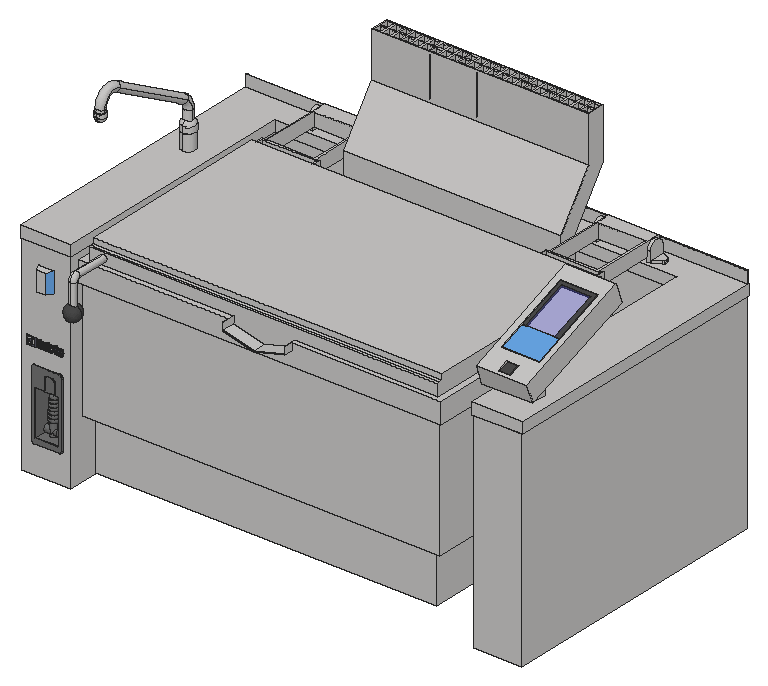
Revit family "QF_ELECTROLUXPROFESSIONAL_586297_PFET17GLCX", category Attrezzature speciali, Revit 2023 (continued)
Automatic sketch dimensions
  curve 186 to curve 183 = 0.00 mm
  curve 45 to plane 8 "Center" = 99.207 mm
  curve 182 to curve 182 = 24.00 mm
  curve 187 to curve 189 = 24.00 mm
  curve 188 to curve 195 = 6.00 mm
  curve 192 to curve 194 = 0.00 mm
  curve 195 to curve 197 = 24.00 mm
  curve 193 to curve 194 = 0.00 mm
  curve 190 to curve 199 = 6.00 mm
  curve 202 to curve 199 = 0.00 mm
  curve 204 to plane 8 "Center" = 18.00 mm
  curve 201 to plane 8 "Center" = 18.00 mm
  curve 200 to curve 207 = 6.00 mm
  curve 204 to curve 212 = 6.00 mm
  plane 8 "Center" to curve 210 = 12.00 mm
  curve 209 to curve 210 = 0.00 mm
  curve 208 to curve 215 = 6.00 mm
  curve 212 to curve 220 = 6.00 mm
  curve 215 to curve 216 = 24.00 mm
  curve 219 to curve 220 = 24.00 mm
  curve 218 to curve 227 = 6.00 mm
  curve 224 to curve 226 = 0.00 mm
  curve 222 to curve 222 = 24.00 mm
  curve 227 to curve 229 = 24.00 mm
  curve 228 to curve 235 = 6.00 mm
  curve 222 to curve 231 = 6.00 mm
  plane 8 "Center" to curve 28 = 100.793 mm
  curve 231 to curve 232 = 24.00 mm
  curve 234 to curve 232 = 0.00 mm
  curve 232 to curve 240 = 6.00 mm
  curve 236 to curve 243 = 6.00 mm
  curve 238 to curve 241 = 24.00 mm
  curve 242 to curve 240 = 0.00 mm
  curve 238 to curve 246 = 6.00 mm
  curve 244 to curve 252 = 6.00 mm
  curve 250 to curve 250 = 24.00 mm
  curve 246 to curve 249 = 24.00 mm
  curve 246 to curve 254 = 6.00 mm
  curve 259 to curve 255 = 0.00 mm
  curve 255 to curve 257 = 24.00 mm
  curve 258 to curve 256 = 0.00 mm
  curve 256 to curve 263 = 6.00 mm
  curve 266 to curve 263 = 0.00 mm
  curve 262 to curve 262 = 24.00 mm
  curve 266 to curve 264 = 0.00 mm
  curve 262 to curve 270 = 6.00 mm
  curve 268 to curve 276 = 6.00 mm
  curve 274 to curve 274 = 24.00 mm
  curve 270 to curve 273 = 24.00 mm
  curve 270 to curve 278 = 6.00 mm
  curve 276 to curve 284 = 6.00 mm
  curve 279 to curve 281 = 24.00 mm
  curve 282 to curve 280 = 0.00 mm
  curve 278 to curve 286 = 6.00 mm
  curve 284 to curve 292 = 6.00 mm
  curve 290 to curve 290 = 24.00 mm
  curve 286 to curve 289 = 24.00 mm
  curve 286 to curve 294 = 6.00 mm
  curve 298 to curve 295 = 0.00 mm
  curve 295 to curve 296 = 24.00 mm
  curve 299 to curve 301 = 24.00 mm
  curve 294 to curve 101 = 3.00 mm
  plane 1 "BACK" to curve 74 = 22.00 mm
  curve 74 to curve 74 = 15.16 mm
  curve 102 to curve 116 = 15.46 mm
  curve 33 to curve 90 = 4.00 mm
  curve 89 to curve 117 = 8.60 mm
  curve 78 to curve 110 = 4.00 mm
  plane 1 "BACK" to curve 112 = 70.00 mm
  curve 110 to curve 112 = 151.00 mm
  curve 111 to curve 115 = 4.00 mm
  curve 108 to curve 89 = 8.40 mm
  curve 88 to curve 115 = 4.00 mm
  plane 1 "BACK" to curve 80 = 22.00 mm
  curve 108 to curve 80 = 12.90 mm
  curve 114 to curve 40 = 11.033 mm
  plane 1 "BACK" to curve 80 = 36.346 mm
  curve 79 to curve 80 = 26.272 mm
  plane 1 "BACK" to curve 81 = 55.654 mm
  curve 81 to curve 80 = 0.00 mm
  plane 1 "BACK" to curve 86 = 52.592 mm
  curve 81 to curve 86 = 3.534 mm
  plane 1 "BACK" to curve 83 = 39.408 mm
  curve 80 to curve 83 = 3.534 mm
  plane 1 "BACK" to curve 85 = 47.996 mm
  curve 85 to curve 85 = 1.943 mm
  curve 94 to plane 4 "RIGHT" = 163.437 mm
  plane 14 to curve 93 = 87.00 mm
  plane 14 to curve 98 = 87.00 mm
  curve 98 to plane 14 = 87.00 mm
  curve 94 to plane 14 = 87.00 mm
  plane 9 to curve 40 = 167.157 mm
  curve 88 to curve 89 = 20.70 mm
  curve 53 to curve 53 = 20.70 mm
  curve 50 to curve 59 = 4.00 mm
  curve 89 to curve 113 = 4.00 mm
  curve 56 to curve 54 = 0.00 mm
  curve 57 to curve 49 = 0.00 mm
  curve 89 to curve 117 = 4.00 mm
  curve 111 to curve 108 = 0.00 mm
  curve 75 to curve 110 = 0.00 mm
  curve 111 to curve 81 = 0.00 mm
  curve 61 to curve 57 = 0.00 mm
  curve 56 to curve 73 = 0.00 mm
  plane 1 "BACK" to curve 220 = 64.68 mm
  plane 1 "BACK" to curve 245 = 64.68 mm
  curve 220 to curve 227 = 0.00 mm
  curve 75 to curve 293 = 5.32 mm
  curve 212 to curve 219 = 0.00 mm
  curve 228 to curve 235 = 0.00 mm
  plane 1 "BACK" to curve 188 = 64.68 mm
  curve 292 to curve 299 = 0.00 mm
  curve 244 to curve 260 = 0.00 mm
  curve 285 to curve 291 = 0.00 mm
  curve 244 to curve 251 = 0.00 mm
  curve 188 to curve 195 = 0.00 mm
  curve 181 to curve 187 = 0.00 mm
  curve 196 to curve 203 = 0.00 mm
  curve 173 to curve 179 = 0.00 mm
  curve 260 to curve 267 = 0.00 mm
  curve 70 to curve 123 = 5.32 mm
  curve 165 to curve 171 = 0.00 mm
  curve 157 to curve 163 = 0.00 mm
  curve 277 to curve 283 = 0.00 mm
  curve 124 to curve 131 = 0.00 mm
  curve 149 to curve 155 = 0.00 mm
  curve 141 to curve 147 = 0.00 mm
  curve 84 to curve 84 = 4.334 mm
  curve 65 to curve 65 = 4.334 mm
  curve 147 to curve 147 = 24.00 mm
  curve 276 to curve 277 = 24.00 mm
  curve 132 to curve 133 = 24.00 mm
  curve 243 to curve 243 = 24.00 mm
  curve 235 to curve 234 = 24.00 mm
  curve 229 to curve 234 = 0.00 mm
  curve 146 to curve 154 = 0.00 mm
  curve 269 to curve 274 = 0.00 mm
  curve 221 to curve 226 = 0.00 mm
  curve 299 to curve 298 = 24.00 mm
  curve 154 to curve 162 = 0.00 mm
  curve 242 to curve 250 = 0.00 mm
  curve 123 to curve 123 = 24.00 mm
  curve 213 to curve 218 = 0.00 mm
  curve 293 to curve 298 = 0.00 mm
  curve 162 to curve 170 = 0.00 mm
  curve 205 to curve 210 = 0.00 mm
  curve 170 to curve 178 = 0.00 mm
  curve 274 to curve 282 = 0.00 mm
  curve 261 to curve 266 = 0.00 mm
  curve 197 to curve 202 = 0.00 mm
  curve 141 to curve 146 = 0.00 mm
  curve 178 to curve 186 = 0.00 mm
  curve 186 to curve 185 = 3.00 mm
  curve 194 to curve 191 = 3.00 mm
  curve 290 to curve 288 = 3.00 mm
  curve 258 to curve 256 = 3.00 mm
  curve 202 to curve 199 = 3.00 mm
  curve 122 to curve 119 = 3.00 mm
  curve 178 to curve 177 = 3.00 mm
  curve 266 to curve 263 = 3.00 mm
  curve 210 to curve 207 = 3.00 mm
  curve 282 to curve 281 = 3.00 mm
  curve 170 to curve 169 = 3.00 mm
  curve 298 to curve 295 = 3.00 mm
  curve 218 to curve 215 = 3.00 mm
  curve 250 to curve 249 = 3.00 mm
  curve 162 to curve 161 = 3.00 mm
  curve 130 to curve 127 = 3.00 mm
  curve 226 to curve 223 = 3.00 mm
  curve 154 to curve 153 = 3.00 mm
  curve 274 to curve 271 = 3.00 mm
  curve 234 to curve 231 = 3.00 mm
  curve 138 to curve 135 = 3.00 mm
  curve 146 to curve 145 = 3.00 mm
  curve 242 to curve 239 = 3.00 mm
  plane 1 "BACK" to curve 60 = 22.055 mm
  curve 60 to curve 58 = 0.00 mm
  plane 1 "BACK" to curve 206 = 13.68 mm
  curve 201 to curve 206 = 0.00 mm
  plane 1 "BACK" to curve 254 = 13.68 mm
  curve 193 to curve 198 = 0.00 mm
  curve 185 to curve 190 = 0.00 mm
  curve 177 to curve 182 = 0.00 mm
  curve 254 to curve 262 = 0.00 mm
  curve 169 to curve 174 = 0.00 mm
  curve 161 to curve 166 = 0.00 mm
  curve 153 to curve 158 = 0.00 mm
  curve 249 to curve 254 = 0.00 mm
  plane 1 "BACK" to curve 270 = 13.68 mm
  curve 145 to curve 150 = 0.00 mm
  curve 137 to curve 142 = 0.00 mm
  curve 129 to curve 134 = 0.00 mm
  curve 270 to curve 278 = 0.00 mm
  curve 121 to curve 126 = 0.00 mm
  plane 1 "BACK" to curve 222 = 13.68 mm
  curve 278 to curve 286 = 0.00 mm
  curve 222 to curve 230 = 0.00 mm
  curve 206 to curve 214 = 0.00 mm
  curve 230 to curve 238 = 0.00 mm
  curve 286 to curve 294 = 0.00 mm
  curve 294 to curve 101 = 3.50 mm
  curve 99 to curve 98 = 3.437 mm
  curve 100 to curve 98 = 3.437 mm
  curve 97 to curve 97 = 58.67 mm
  curve 96 to curve 96 = 58.67 mm
  curve 31 to curve 38 = 20.951 mm
  curve 43 to curve 38 = 20.951 mm
  plane 1 "BACK" to curve 63 = 22.00 mm
  curve 63 to curve 60 = 0.00 mm
  curve 71 to curve 60 = 0.20 mm
  curve 24 to curve 25 = 2.00 mm
  plane 8 "Center" to curve 26 = 0.793 mm
  curve 27 to curve 28 = 2.00 mm
  curve 77 to curve 74 = 0.00 mm
  curve 34 to curve 88 = 1.00 mm
  curve 77 to curve 79 = 0.00 mm
  curve 40 to curve 46 = 22.40 mm
  curve 91 to curve 91 = 58.67 mm
  curve 39 to curve 35 = 22.40 mm
  curve 92 to curve 92 = 58.67 mm
  curve 93 to curve 94 = 3.437 mm
  curve 93 to curve 95 = 3.437 mm
  plane 13 to curve 22 = 12.507 mm
  curve 46 to curve 28 = 16.715 mm
  curve 44 to curve 24 = 16.715 mm
  plane 10 to curve 43 = 24.985 mm
  plane 5 "FRONT" to curve 42 = 14.30 mm
  plane 14 to curve 97 = 57.00 mm
  plane 14 to curve 92 = 57.00 mm
  curve 91 to curve 93 = 30.00 mm
  curve 96 to plane 14 = 57.00 mm
  curve 39 to curve 35 = 17.843 mm
  curve 31 to curve 50 = 2.857 mm
  curve 34 to curve 88 = 2.857 mm
  curve 102 to curve 116 = 6.857 mm
  curve 32 to curve 50 = 2.857 mm
  curve 52 to curve 105 = 78.143 mm
  curve 106 to curve 70 = 52.00 mm
  curve 30 to curve 70 = 16.00 mm
  curve 37 to curve 300 = 21.32 mm
  curve 37 to curve 36 = 0.00 mm
  curve 29 to curve 57 = 16.00 mm
  curve 104 to curve 300 = 3.50 mm
  curve 123 to curve 73 = 2.958 mm
  curve 300 to curve 75 = 2.958 mm
  curve 296 to curve 74 = 7.402 mm
  curve 119 to curve 72 = 7.402 mm
  curve 77 to curve 79 = 0.055 mm
  plane 1 "BACK" to curve 19 = 2.00 mm
  plane 1 "BACK" to Extrusion 1 sketch curve = 0.00 mm
  Extrusion 1 sketch curve to plane 4 "RIGHT" = 0.00 mm
  plane 5 "FRONT" to Extrusion 1 sketch curve = 0.00 mm  (x2)
  Extrusion 1 sketch curve to plane 3 "LEFT" = 0.00 mm
  Extrusion 1 sketch curve to plane 4 "RIGHT" = 160.00 mm
  plane 3 "LEFT" to Extrusion 1 sketch curve = 160.00 mm
  plane 1 "BACK" to Extrusion 1 sketch curve = 86.00 mm
  plane 3 "LEFT" to Extrusion 2 sketch curve = 157.00 mm
  Extrusion 2 sketch curve to plane 4 "RIGHT" = 157.00 mm
  plane 3 "LEFT" to Extrusion 3 sketch curve = 230.00 mm
  Extrusion 3 sketch curve to plane 4 "RIGHT" = 230.00 mm
  plane 6 "TOP" to Sweep 5 sketch curve = 7.881 mm
  Sweep 5 sketch curve to plane 6 "TOP" = 62.119 mm
  Sweep 5 sketch curve to profile plane = 0.00 mm  (x2)
  Revolve 6 sketch curve to plane 6 "TOP" = 62.119 mm
  plane 3 "LEFT" to Revolve 6 sketch curve = 287.976 mm
  Revolve 6 sketch curve to Revolve 6 sketch curve = 10.00 mm
  Revolve 6 sketch curve to Revolve 6 sketch curve = 20.00 mm
  Revolve 6 sketch curve to Revolve 6 sketch curve = 25.00 mm
  Revolve 6 sketch curve to Revolve 6 sketch curve = 0.00 mm
  Revolve 6 sketch curve to Revolve 6 sketch curve = 0.914 mm
  Revolve 6 sketch curve to Revolve 6 sketch curve = 18.672 mm
  plane 8 "Center" to Extrusion 7 sketch curve = 0.793 mm
  Extrusion 7 sketch curve to plane 6 "TOP" = 48.798 mm
  Extrusion 7 sketch curve to plane 6 "TOP" = 23.256 mm  (x2)
  plane 6 "TOP" to Extrusion 7 sketch curve = 0.00 mm
  Extrusion 8 sketch curve to plane 6 "TOP" = 0.00 mm
  plane 1 "BACK" to Extrusion 8 sketch curve = 70.00 mm
  Extrusion 8 sketch curve to Extrusion 8 sketch curve = 23.973 mm
  plane 6 "TOP" to Extrusion 8 sketch curve = 32.00 mm
  Extrusion 9 sketch curve to plane 6 "TOP" = 0.00 mm
  plane 1 "BACK" to Extrusion 9 sketch curve = 70.00 mm
  Extrusion 9 sketch curve to Extrusion 9 sketch curve = 23.973 mm
  plane 6 "TOP" to Extrusion 9 sketch curve = 32.00 mm
  Extrusion 10 sketch curve to plane 6 "TOP" = 0.00 mm
  plane 1 "BACK" to Extrusion 10 sketch curve = 70.00 mm
  Extrusion 10 sketch curve to Extrusion 10 sketch curve = 23.973 mm
  Extrusion 10 sketch curve to Extrusion 10 sketch curve = 32.00 mm
  Extrusion 11 sketch curve to plane 6 "TOP" = 0.00 mm
  plane 1 "BACK" to Extrusion 11 sketch curve = 70.00 mm
  Extrusion 11 sketch curve to Extrusion 11 sketch curve = 23.973 mm
  Extrusion 11 sketch curve to Extrusion 11 sketch curve = 32.00 mm
  plane 3 "LEFT" to Blend 12 sketch curve = 103.50 mm
  Blend 12 sketch curve to Blend 12 sketch curve = 47.00 mm
  Blend 12 sketch curve to plane 6 "TOP" = 94.60 mm
  Blend 12 sketch curve to Blend 12 sketch curve = 66.80 mm
  plane 3 "LEFT" to Blend 12 sketch curve = 93.448 mm
  Blend 12 sketch curve to Blend 12 sketch curve = 26.896 mm
  Blend 12 sketch curve to plane 6 "TOP" = 97.383 mm
  Blend 12 sketch curve to Blend 12 sketch curve = 61.233 mm
  plane 1 "BACK" to Extrusion 13 sketch curve = 47.996 mm  (x2)
  Extrusion 13 sketch curve to plane 4 "RIGHT" = 223.291 mm
  plane 1 "BACK" to Extrusion 13 sketch curve = 52.592 mm  (x4)
  Extrusion 13 sketch curve to Extrusion 13 sketch curve = 1.943 mm  (x6)
  plane 1 "BACK" to Extrusion 13 sketch curve = 39.408 mm  (x4)
  plane 1 "BACK" to Extrusion 13 sketch curve = 55.654 mm  (x4)
  Extrusion 13 sketch curve to Extrusion 13 sketch curve = 3.534 mm  (x8)
  plane 1 "BACK" to Extrusion 13 sketch curve = 36.346 mm  (x4)
  Extrusion 13 sketch curve to Extrusion 13 sketch curve = 26.272 mm  (x4)
  plane 1 "BACK" to Extrusion 13 sketch curve = 70.00 mm
  Extrusion 13 sketch curve to Extrusion 13 sketch curve = 184.80 mm  (x2)
  Extrusion 13 sketch curve to Extrusion 13 sketch curve = 0.00 mm  (x2)
  Extrusion 13 sketch curve to plane 8 "Center" = 328.411 mm
  plane 1 "BACK" to Extrusion 13 sketch curve = 22.00 mm  (x4)
  plane 1 "BACK" to Extrusion 13 sketch curve = 43.662 mm
  Extrusion 13 sketch curve to Extrusion 13 sketch curve = 4.334 mm  (x4)
  Extrusion 13 sketch curve to Extrusion 13 sketch curve = 4.254 mm
  Extrusion 13 sketch curve to Extrusion 13 sketch curve = 14.346 mm  (x3)
  Extrusion 14 sketch curve to plane 6 "TOP" = 0.00 mm
  Extrusion 14 sketch curve to Extrusion 14 sketch curve = 0.50 mm
  plane 9 to Extrusion 14 sketch curve = 167.157 mm
  Extrusion 14 sketch curve to Extrusion 14 sketch curve = 36.25 mm
  Extrusion 14 sketch curve to Extrusion 14 sketch curve = 57.50 mm
  plane 14 to Revolve 15 sketch curve = 0.00 mm  (x3)
  Revolve 15 sketch curve to plane 4 "RIGHT" = 157.00 mm
  Revolve 15 sketch curve to Revolve 15 sketch curve = 6.437 mm  (x2)
  Revolve 15 sketch curve to Revolve 15 sketch curve = 66.563 mm  (x2)
  Revolve 15 sketch curve to plane 14 = 57.00 mm  (x2)
  plane 3 "LEFT" to Revolve 15 sketch curve = 230.00 mm
  Revolve 15 sketch curve to Revolve 15 sketch curve = 30.00 mm
  Revolve 15 sketch curve to plane 14 = 87.00 mm
  Revolve 15 sketch curve to Revolve 15 sketch curve = 5.497 mm  (x2)
  Extrusion 16 sketch curve to plane 4 "RIGHT" = 222.107 mm
  plane 10 to Extrusion 16 sketch curve = 24.985 mm
  plane 3 "LEFT" to Extrusion 16 sketch curve = 224.503 mm
  plane 9 to Extrusion 16 sketch curve = 185.00 mm
  Extrusion 17 sketch curve to plane 12 = 0.00 mm
  plane 5 "FRONT" to Extrusion 17 sketch curve = 32.055 mm
  plane 9 to Extrusion 17 sketch curve = 155.519 mm
  plane 1 "BACK" to Extrusion 17 sketch curve = 22.055 mm
  plane 6 "TOP" to Extrusion 17 sketch curve = 2.17 mm
  Extrusion 17 sketch curve to plane 1 "BACK" = 111.468 mm
  Extrusion 18 sketch curve to plane 10 = 0.00 mm
  Extrusion 18 sketch curve to plane 14 = 0.00 mm
  plane 10 to Extrusion 18 sketch curve = 31.00 mm
  Extrusion 18 sketch curve to plane 6 "TOP" = 170.00 mm
  Extrusion 18 sketch curve to Extrusion 18 sketch curve = 312.657 mm
  curve 3 to plane 4 "RIGHT" = 0.00 mm
  plane 5 "FRONT" to curve 3 = 0.00 mm
  plane 1 "BACK" to curve 5 = 0.00 mm
  curve 5 to plane 3 "LEFT" = 0.00 mm
  plane 5 "FRONT" to curve 7 = 0.00 mm
  curve 3 to plane 4 "RIGHT" = 160.00 mm
  plane 1 "BACK" to curve 4 = 86.00 mm
  curve 4 to curve 10 = 62.107 mm
  curve 4 to curve 9 = 107.94 mm
  curve 8 to curve 6 = 107.94 mm
  curve 8 to curve 11 = 179.00 mm
  curve 9 to curve 10 = 179.00 mm
  plane 10 to curve 11 = 24.985 mm
  plane 10 to curve 10 = 24.985 mm
  Extrusion 19 sketch curve to Extrusion 19 sketch curve = 50.00 mm
  plane 9 to Extrusion 21 sketch curve = 185.00 mm
  Extrusion 21 sketch curve to Extrusion 21 sketch curve = 85.00 mm
  Extrusion 21 sketch curve to Extrusion 21 sketch curve = 58.00 mm  (x2)
  plane 1 "BACK" to Extrusion 21 sketch curve = 68.18 mm
  plane 1 "BACK" to Extrusion 21 sketch curve = 10.18 mm
  plane 7 to Extrusion 21 sketch curve = 340.00 mm
  plane 6 "TOP" to Extrusion 21 sketch curve = 37.155 mm
  plane 6 "TOP" to Extrusion 21 sketch curve = 56.00 mm
  Extrusion 21 sketch curve to Extrusion 21 sketch curve = 153.907 mm
  Extrusion 21 sketch curve to Extrusion 21 sketch curve = 18.845 mm
  Extrusion 21 sketch curve to Extrusion 21 sketch curve = 144.093 mm
  plane 3 "LEFT" to Extrusion 22 sketch curve = 256.991 mm
  Extrusion 22 sketch curve to plane 4 "RIGHT" = 257.755 mm
  plane 3 "LEFT" to Extrusion 23 sketch curve = 3.00 mm
  plane 1 "BACK" to Extrusion 23 sketch curve = 3.00 mm  (x2)
  Extrusion 23 sketch curve to Extrusion 23 sketch curve = 154.00 mm
  Extrusion 23 sketch curve to plane 4 "RIGHT" = 157.00 mm
  Extrusion 23 sketch curve to plane 4 "RIGHT" = 3.00 mm
  Extrusion 23 sketch curve to plane 5 "FRONT" = 3.00 mm  (x2)
  Extrusion 24 sketch curve to Extrusion 24 sketch curve = 0.00 mm  (x33)
  plane 3 "LEFT" to Extrusion 24 sketch curve = 135.932 mm
  Extrusion 24 sketch curve to Extrusion 24 sketch curve = 0.317 mm
  Extrusion 24 sketch curve to Extrusion 24 sketch curve = 0.886 mm
  Extrusion 24 sketch curve to Extrusion 24 sketch curve = 2.512 mm
  Extrusion 24 sketch curve to Extrusion 24 sketch curve = 1.815 mm
  Extrusion 24 sketch curve to Extrusion 24 sketch curve = 2.567 mm
  Extrusion 24 sketch curve to Extrusion 24 sketch curve = 0.97 mm  (x3)
  Extrusion 24 sketch curve to Extrusion 24 sketch curve = 0.815 mm  (x2)
  Extrusion 24 sketch curve to Extrusion 24 sketch curve = 1.341 mm
  Extrusion 24 sketch curve to Extrusion 24 sketch curve = 1.348 mm
  Extrusion 24 sketch curve to Extrusion 24 sketch curve = 1.259 mm
  Extrusion 24 sketch curve to Extrusion 24 sketch curve = 2.13 mm
  Extrusion 24 sketch curve to Extrusion 24 sketch curve = 3.849 mm
  Extrusion 24 sketch curve to Extrusion 24 sketch curve = 2.49 mm
  Extrusion 24 sketch curve to Extrusion 24 sketch curve = 1.043 mm
  Extrusion 24 sketch curve to Extrusion 24 sketch curve = 0.46 mm  (x2)
  Extrusion 24 sketch curve to Extrusion 24 sketch curve = 0.435 mm
  Extrusion 24 sketch curve to Extrusion 24 sketch curve = 0.055 mm  (x2)
  Extrusion 24 sketch curve to Extrusion 24 sketch curve = 2.544 mm
  Extrusion 24 sketch curve to Extrusion 24 sketch curve = 0.468 mm
  Extrusion 24 sketch curve to Extrusion 24 sketch curve = 2.528 mm
  Extrusion 24 sketch curve to Extrusion 24 sketch curve = 0.922 mm
  Extrusion 24 sketch curve to Extrusion 24 sketch curve = 0.91 mm
  Extrusion 24 sketch curve to Extrusion 24 sketch curve = 0.388 mm
  Extrusion 24 sketch curve to Extrusion 24 sketch curve = 1.422 mm
  Extrusion 24 sketch curve to Extrusion 24 sketch curve = 1.042 mm
  Extrusion 24 sketch curve to Extrusion 24 sketch curve = 2.371 mm
  Extrusion 24 sketch curve to Extrusion 24 sketch curve = 1.809 mm  (x2)
  Extrusion 24 sketch curve to Extrusion 24 sketch curve = 0.273 mm  (x2)
  Extrusion 24 sketch curve to Extrusion 24 sketch curve = 0.147 mm
  Extrusion 24 sketch curve to Extrusion 24 sketch curve = 5.696 mm
  Extrusion 24 sketch curve to Extrusion 24 sketch curve = 0.943 mm
  Extrusion 24 sketch curve to Extrusion 24 sketch curve = 0.037 mm  (x3)
  Extrusion 24 sketch curve to Extrusion 24 sketch curve = 2.122 mm
  Extrusion 24 sketch curve to Extrusion 24 sketch curve = 2.372 mm
  Extrusion 24 sketch curve to Extrusion 24 sketch curve = 0.944 mm
  Extrusion 24 sketch curve to Extrusion 24 sketch curve = 1.799 mm
  Extrusion 24 sketch curve to Extrusion 24 sketch curve = 2.353 mm
  Extrusion 24 sketch curve to Extrusion 24 sketch curve = 6.509 mm
  Extrusion 24 sketch curve to Extrusion 24 sketch curve = 6.836 mm
  Extrusion 24 sketch curve to Extrusion 24 sketch curve = 2.068 mm
  Extrusion 24 sketch curve to Extrusion 24 sketch curve = 5.751 mm
  Extrusion 24 sketch curve to Extrusion 24 sketch curve = 0.679 mm
  Extrusion 24 sketch curve to Extrusion 24 sketch curve = 0.728 mm
  Extrusion 24 sketch curve to Extrusion 24 sketch curve = 0.178 mm
  Extrusion 24 sketch curve to Extrusion 24 sketch curve = 4.332 mm
  Extrusion 24 sketch curve to Extrusion 24 sketch curve = 0.539 mm  (x2)
  Extrusion 24 sketch curve to Extrusion 24 sketch curve = 0.634 mm  (x2)
  Extrusion 24 sketch curve to Extrusion 24 sketch curve = 0.036 mm  (x2)
  Extrusion 24 sketch curve to Extrusion 24 sketch curve = 0.114 mm  (x2)
  Extrusion 24 sketch curve to Extrusion 24 sketch curve = 0.807 mm  (x2)
  Extrusion 24 sketch curve to Extrusion 24 sketch curve = 0.007 mm  (x2)
  Extrusion 24 sketch curve to Extrusion 24 sketch curve = 0.156 mm  (x2)
  Extrusion 24 sketch curve to Extrusion 24 sketch curve = 0.005 mm  (x2)
  Extrusion 24 sketch curve to Extrusion 24 sketch curve = 0.083 mm  (x2)
  Extrusion 24 sketch curve to Extrusion 24 sketch curve = 0.13 mm  (x3)
  Extrusion 24 sketch curve to Extrusion 24 sketch curve = 0.009 mm  (x2)
  Extrusion 24 sketch curve to Extrusion 24 sketch curve = 0.159 mm  (x2)
  Extrusion 24 sketch curve to Extrusion 24 sketch curve = 0.075 mm  (x2)
  Extrusion 24 sketch curve to Extrusion 24 sketch curve = 0.025 mm  (x2)
  Extrusion 24 sketch curve to Extrusion 24 sketch curve = 2.918 mm
  Extrusion 24 sketch curve to Extrusion 24 sketch curve = 2.789 mm
  Extrusion 24 sketch curve to Extrusion 24 sketch curve = 0.908 mm  (x2)
  Extrusion 24 sketch curve to Extrusion 24 sketch curve = 0.826 mm  (x2)
  Extrusion 24 sketch curve to Extrusion 24 sketch curve = 0.126 mm  (x2)
  Extrusion 24 sketch curve to Extrusion 24 sketch curve = 2.333 mm
  Extrusion 24 sketch curve to Extrusion 24 sketch curve = 1.257 mm  (x2)
  Extrusion 24 sketch curve to Extrusion 24 sketch curve = 2.771 mm
  Extrusion 24 sketch curve to Extrusion 24 sketch curve = 1.497 mm
  Extrusion 24 sketch curve to Extrusion 24 sketch curve = 1.979 mm
  Extrusion 24 sketch curve to Extrusion 24 sketch curve = 1.653 mm
  Extrusion 24 sketch curve to Extrusion 24 sketch curve = 0.085 mm
  Extrusion 24 sketch curve to Extrusion 24 sketch curve = 0.315 mm
  Extrusion 24 sketch curve to Extrusion 24 sketch curve = 3.811 mm
  Extrusion 24 sketch curve to Extrusion 24 sketch curve = 2.136 mm  (x2)
  Extrusion 24 sketch curve to Extrusion 24 sketch curve = 2.352 mm  (x2)
  Extrusion 24 sketch curve to Extrusion 24 sketch curve = 3.797 mm
  Extrusion 24 sketch curve to Extrusion 24 sketch curve = 1.528 mm
  Extrusion 24 sketch curve to Extrusion 24 sketch curve = 1.476 mm  (x2)
  Extrusion 24 sketch curve to Extrusion 24 sketch curve = 1.469 mm  (x2)
  Extrusion 24 sketch curve to Extrusion 24 sketch curve = 3.728 mm
  Extrusion 24 sketch curve to Extrusion 24 sketch curve = 0.046 mm
  Extrusion 24 sketch curve to Extrusion 24 sketch curve = 0.177 mm
  Extrusion 24 sketch curve to Extrusion 24 sketch curve = 0.947 mm
  Extrusion 24 sketch curve to Extrusion 24 sketch curve = 0.308 mm
  Extrusion 24 sketch curve to Extrusion 24 sketch curve = 0.091 mm
  Extrusion 24 sketch curve to Extrusion 24 sketch curve = 2.375 mm
  Extrusion 24 sketch curve to Extrusion 24 sketch curve = 0.94 mm
  Extrusion 24 sketch curve to Extrusion 24 sketch curve = 0.54 mm
  Extrusion 24 sketch curve to Extrusion 24 sketch curve = 0.102 mm
  Extrusion 24 sketch curve to Extrusion 24 sketch curve = 0.002 mm  (x4)
  Extrusion 24 sketch curve to Extrusion 24 sketch curve = 0.105 mm
  Extrusion 24 sketch curve to Extrusion 24 sketch curve = 0.097 mm
  Extrusion 24 sketch curve to Extrusion 24 sketch curve = 3.982 mm
  Extrusion 24 sketch curve to Extrusion 24 sketch curve = 0.17 mm
  Extrusion 24 sketch curve to Extrusion 24 sketch curve = 6.49 mm
  Extrusion 24 sketch curve to Extrusion 24 sketch curve = 1.777 mm
  Extrusion 24 sketch curve to Extrusion 24 sketch curve = 0.63 mm
  Extrusion 24 sketch curve to Extrusion 24 sketch curve = 1.001 mm
  Extrusion 24 sketch curve to Extrusion 24 sketch curve = 1.393 mm  (x2)
  Extrusion 24 sketch curve to Extrusion 24 sketch curve = 2.363 mm
  Extrusion 24 sketch curve to Extrusion 24 sketch curve = 2.253 mm
  Extrusion 24 sketch curve to Extrusion 24 sketch curve = 0.014 mm  (x3)
  Extrusion 24 sketch curve to Extrusion 24 sketch curve = 0.172 mm
  Extrusion 24 sketch curve to Extrusion 24 sketch curve = 0.096 mm
  Extrusion 24 sketch curve to Extrusion 24 sketch curve = 0.164 mm
  Extrusion 24 sketch curve to Extrusion 24 sketch curve = 0.298 mm
  Extrusion 24 sketch curve to Extrusion 24 sketch curve = 0.247 mm
  Extrusion 24 sketch curve to Extrusion 24 sketch curve = 0.084 mm
  Extrusion 24 sketch curve to Extrusion 24 sketch curve = 6.484 mm
  Extrusion 24 sketch curve to Extrusion 24 sketch curve = 2.596 mm
  Extrusion 24 sketch curve to Extrusion 24 sketch curve = 0.059 mm  (x2)
  Extrusion 24 sketch curve to Extrusion 24 sketch curve = 3.889 mm
  Extrusion 24 sketch curve to Extrusion 24 sketch curve = 6.029 mm
  Extrusion 24 sketch curve to Extrusion 24 sketch curve = 0.929 mm
  Extrusion 24 sketch curve to Extrusion 24 sketch curve = 1.102 mm
  Extrusion 24 sketch curve to Extrusion 24 sketch curve = 0.756 mm  (x2)
  Extrusion 24 sketch curve to Extrusion 24 sketch curve = 0.852 mm
  Extrusion 24 sketch curve to Extrusion 24 sketch curve = 0.108 mm
  Extrusion 24 sketch curve to Extrusion 24 sketch curve = 0.101 mm
  Extrusion 24 sketch curve to Extrusion 24 sketch curve = 0.072 mm
  Extrusion 24 sketch curve to Extrusion 24 sketch curve = 1.67 mm
  Extrusion 24 sketch curve to Extrusion 24 sketch curve = 1.834 mm
  Extrusion 24 sketch curve to Extrusion 24 sketch curve = 0.366 mm
  Extrusion 24 sketch curve to Extrusion 24 sketch curve = 0.993 mm
  Extrusion 24 sketch curve to Extrusion 24 sketch curve = 0.81 mm
  Extrusion 24 sketch curve to Extrusion 24 sketch curve = 1.026 mm  (x2)
  Extrusion 24 sketch curve to Extrusion 24 sketch curve = 4.272 mm
  Extrusion 24 sketch curve to Extrusion 24 sketch curve = 0.163 mm
  Extrusion 24 sketch curve to Extrusion 24 sketch curve = 0.551 mm
  Extrusion 24 sketch curve to Extrusion 24 sketch curve = 6.11 mm
  Extrusion 24 sketch curve to Extrusion 24 sketch curve = 1.451 mm
  Extrusion 24 sketch curve to Extrusion 24 sketch curve = 5.217 mm
  Extrusion 24 sketch curve to Extrusion 24 sketch curve = 0.045 mm  (x2)
  Extrusion 24 sketch curve to Extrusion 24 sketch curve = 0.241 mm
  Extrusion 24 sketch curve to Extrusion 24 sketch curve = 0.039 mm
  Extrusion 24 sketch curve to Extrusion 24 sketch curve = 1.134 mm
  Extrusion 24 sketch curve to Extrusion 24 sketch curve = 2.351 mm
  Extrusion 24 sketch curve to Extrusion 24 sketch curve = 3.993 mm
  Extrusion 24 sketch curve to Extrusion 24 sketch curve = 10.128 mm
  Extrusion 24 sketch curve to Extrusion 24 sketch curve = 0.956 mm
  Extrusion 24 sketch curve to Extrusion 24 sketch curve = 1.263 mm
  Extrusion 24 sketch curve to Extrusion 24 sketch curve = 2.577 mm
  Extrusion 24 sketch curve to Extrusion 24 sketch curve = 0.243 mm
  Extrusion 24 sketch curve to Extrusion 24 sketch curve = 0.031 mm
  Extrusion 24 sketch curve to Extrusion 24 sketch curve = 7.148 mm
  Extrusion 24 sketch curve to Extrusion 24 sketch curve = 1.502 mm
  Extrusion 24 sketch curve to Extrusion 24 sketch curve = 11.54 mm
  Extrusion 24 sketch curve to Extrusion 24 sketch curve = 11.758 mm
  Extrusion 24 sketch curve to Extrusion 24 sketch curve = 4.097 mm
  Extrusion 24 sketch curve to Extrusion 24 sketch curve = 0.011 mm
  Extrusion 24 sketch curve to Extrusion 24 sketch curve = 4.488 mm
  Extrusion 24 sketch curve to plane 6 "TOP" = 305.278 mm
  Extrusion 24 sketch curve to Extrusion 24 sketch curve = 1.276 mm
  Extrusion 24 sketch curve to Extrusion 24 sketch curve = 1.279 mm
  Extrusion 24 sketch curve to Extrusion 24 sketch curve = 0.08 mm
  Extrusion 24 sketch curve to Extrusion 24 sketch curve = 1.542 mm  (x3)
  Extrusion 24 sketch curve to Extrusion 24 sketch curve = 1.975 mm
  Extrusion 24 sketch curve to Extrusion 24 sketch curve = 2.212 mm
  Extrusion 24 sketch curve to Extrusion 24 sketch curve = 3.655 mm
  Extrusion 24 sketch curve to Extrusion 24 sketch curve = 3.779 mm
  Extrusion 24 sketch curve to Extrusion 24 sketch curve = 0.124 mm  (x2)
  Extrusion 24 sketch curve to Extrusion 24 sketch curve = 3.78 mm  (x2)
  Extrusion 24 sketch curve to Extrusion 24 sketch curve = 1.401 mm
  Extrusion 24 sketch curve to Extrusion 24 sketch curve = 1.424 mm
  Extrusion 24 sketch curve to Extrusion 24 sketch curve = 3.23 mm
  Extrusion 24 sketch curve to Extrusion 24 sketch curve = 2.137 mm
  Extrusion 24 sketch curve to Extrusion 24 sketch curve = 1.094 mm
  Extrusion 24 sketch curve to Extrusion 24 sketch curve = 2.932 mm
  Extrusion 24 sketch curve to Extrusion 24 sketch curve = 7.641 mm
  Extrusion 24 sketch curve to Extrusion 24 sketch curve = 2.218 mm
  Extrusion 24 sketch curve to Extrusion 24 sketch curve = 0.113 mm
  Extrusion 24 sketch curve to Extrusion 24 sketch curve = 0.36 mm
  Extrusion 24 sketch curve to Extrusion 24 sketch curve = 0.008 mm
  Extrusion 24 sketch curve to Extrusion 24 sketch curve = 1.652 mm
  Extrusion 24 sketch curve to Extrusion 24 sketch curve = 0.256 mm
  Extrusion 24 sketch curve to Extrusion 24 sketch curve = 1.705 mm
  Extrusion 24 sketch curve to Extrusion 24 sketch curve = 1.454 mm
  Extrusion 24 sketch curve to Extrusion 24 sketch curve = 0.095 mm
  Extrusion 24 sketch curve to Extrusion 24 sketch curve = 0.109 mm
  Extrusion 24 sketch curve to Extrusion 24 sketch curve = 1.893 mm
  Extrusion 24 sketch curve to Extrusion 24 sketch curve = 0.003 mm
  Extrusion 24 sketch curve to Extrusion 24 sketch curve = 2.803 mm
  Extrusion 24 sketch curve to Extrusion 24 sketch curve = 0.12 mm  (x3)
  Extrusion 24 sketch curve to Extrusion 24 sketch curve = 0.02 mm
  Extrusion 24 sketch curve to Extrusion 24 sketch curve = 0.188 mm
  Extrusion 24 sketch curve to Extrusion 24 sketch curve = 0.568 mm
  Extrusion 24 sketch curve to Extrusion 24 sketch curve = 0.707 mm
  Extrusion 24 sketch curve to Extrusion 24 sketch curve = 1.654 mm
  Extrusion 24 sketch curve to Extrusion 24 sketch curve = 3.379 mm
  Extrusion 24 sketch curve to Extrusion 24 sketch curve = 0.174 mm
  Extrusion 24 sketch curve to Extrusion 24 sketch curve = 0.146 mm  (x2)
  Extrusion 24 sketch curve to Extrusion 24 sketch curve = 5.763 mm
  Extrusion 24 sketch curve to Extrusion 24 sketch curve = 1.953 mm
  Extrusion 24 sketch curve to Extrusion 24 sketch curve = 0.099 mm
  Extrusion 24 sketch curve to Extrusion 24 sketch curve = 0.19 mm
  Extrusion 24 sketch curve to Extrusion 24 sketch curve = 0.196 mm
  Extrusion 24 sketch curve to Extrusion 24 sketch curve = 0.05 mm
  Extrusion 24 sketch curve to Extrusion 24 sketch curve = 0.239 mm
  Extrusion 24 sketch curve to Extrusion 24 sketch curve = 1.763 mm
  Extrusion 24 sketch curve to Extrusion 24 sketch curve = 1.754 mm
  Extrusion 24 sketch curve to Extrusion 24 sketch curve = 1.442 mm
  Extrusion 24 sketch curve to Extrusion 24 sketch curve = 0.282 mm
  Extrusion 24 sketch curve to Extrusion 24 sketch curve = 1.607 mm
  Extrusion 24 sketch curve to Extrusion 24 sketch curve = 2.197 mm
  Extrusion 24 sketch curve to Extrusion 24 sketch curve = 3.917 mm
  Extrusion 24 sketch curve to Extrusion 24 sketch curve = 3.479 mm
  Extrusion 24 sketch curve to Extrusion 24 sketch curve = 4.017 mm
  Extrusion 24 sketch curve to Extrusion 24 sketch curve = 0.006 mm
  Extrusion 24 sketch curve to Extrusion 24 sketch curve = 5.661 mm  (x3)
  Extrusion 24 sketch curve to Extrusion 24 sketch curve = 5.657 mm  (x2)
  Extrusion 24 sketch curve to Extrusion 24 sketch curve = 7.186 mm
  Extrusion 24 sketch curve to Extrusion 24 sketch curve = 0.598 mm
  Extrusion 24 sketch curve to Extrusion 24 sketch curve = 6.253 mm
  Extrusion 24 sketch curve to Extrusion 24 sketch curve = 0.891 mm
  Extrusion 24 sketch curve to Extrusion 24 sketch curve = 0.954 mm  (x2)
  Extrusion 24 sketch curve to Extrusion 24 sketch curve = 1.017 mm
  Extrusion 24 sketch curve to Extrusion 24 sketch curve = 0.624 mm  (x2)
  Extrusion 24 sketch curve to Extrusion 24 sketch curve = 0.016 mm  (x2)
  Extrusion 24 sketch curve to Extrusion 24 sketch curve = 0.709 mm  (x2)
  Extrusion 24 sketch curve to Extrusion 24 sketch curve = 0.602 mm
  Extrusion 24 sketch curve to Extrusion 24 sketch curve = 0.607 mm
  Extrusion 24 sketch curve to Extrusion 24 sketch curve = 0.372 mm  (x2)
  Extrusion 24 sketch curve to Extrusion 24 sketch curve = 1.696 mm
  Extrusion 24 sketch curve to Extrusion 24 sketch curve = 1.752 mm
  Extrusion 24 sketch curve to Extrusion 24 sketch curve = 0.182 mm  (x2)
  Extrusion 24 sketch curve to Extrusion 24 sketch curve = 0.93 mm
  Extrusion 24 sketch curve to Extrusion 24 sketch curve = 0.155 mm  (x2)
  Extrusion 24 sketch curve to Extrusion 24 sketch curve = 0.996 mm
  Extrusion 24 sketch curve to Extrusion 24 sketch curve = 0.297 mm  (x2)
  Extrusion 24 sketch curve to Extrusion 24 sketch curve = 2.359 mm
  Extrusion 24 sketch curve to Extrusion 24 sketch curve = 0.839 mm
  Extrusion 24 sketch curve to Extrusion 24 sketch curve = 0.892 mm  (x2)
  Extrusion 24 sketch curve to Extrusion 24 sketch curve = 0.563 mm
  Extrusion 24 sketch curve to Extrusion 24 sketch curve = 1.037 mm
  Extrusion 24 sketch curve to Extrusion 24 sketch curve = 0.531 mm  (x2)
  Extrusion 24 sketch curve to Extrusion 24 sketch curve = 0.068 mm  (x2)
  Extrusion 24 sketch curve to Extrusion 24 sketch curve = 0.203 mm
  Extrusion 24 sketch curve to Extrusion 24 sketch curve = 0.107 mm  (x2)
  Extrusion 24 sketch curve to Extrusion 24 sketch curve = 1.305 mm
  Extrusion 24 sketch curve to Extrusion 24 sketch curve = 1.058 mm
  Extrusion 24 sketch curve to Extrusion 24 sketch curve = 0.365 mm
  Extrusion 24 sketch curve to Extrusion 24 sketch curve = 0.15 mm  (x2)
  Extrusion 24 sketch curve to Extrusion 24 sketch curve = 0.475 mm
  Extrusion 24 sketch curve to Extrusion 24 sketch curve = 0.292 mm
  Extrusion 24 sketch curve to Extrusion 24 sketch curve = 0.434 mm  (x2)
  Extrusion 24 sketch curve to Extrusion 24 sketch curve = 0.385 mm  (x2)
  Extrusion 24 sketch curve to Extrusion 24 sketch curve = 2.117 mm
  Extrusion 24 sketch curve to Extrusion 24 sketch curve = 0.295 mm  (x2)
  Extrusion 24 sketch curve to Extrusion 24 sketch curve = 0.968 mm
  Extrusion 24 sketch curve to Extrusion 24 sketch curve = 3.826 mm
  Extrusion 24 sketch curve to Extrusion 24 sketch curve = 1.018 mm  (x2)
  Extrusion 24 sketch curve to Extrusion 24 sketch curve = 4.718 mm
  Extrusion 24 sketch curve to Extrusion 24 sketch curve = 2.967 mm
  Extrusion 24 sketch curve to Extrusion 24 sketch curve = 1.662 mm
  Extrusion 24 sketch curve to Extrusion 24 sketch curve = 1.626 mm  (x3)
  Extrusion 24 sketch curve to Extrusion 24 sketch curve = 1.65 mm
  Extrusion 24 sketch curve to Extrusion 24 sketch curve = 1.192 mm
  Extrusion 24 sketch curve to Extrusion 24 sketch curve = 2.57 mm  (x2)
  Extrusion 24 sketch curve to Extrusion 24 sketch curve = 3.444 mm  (x2)
  Extrusion 24 sketch curve to Extrusion 24 sketch curve = 1.343 mm  (x2)
  Extrusion 24 sketch curve to Extrusion 24 sketch curve = 1.353 mm  (x2)
  Extrusion 24 sketch curve to Extrusion 24 sketch curve = 0.027 mm  (x2)
  Extrusion 24 sketch curve to Extrusion 24 sketch curve = 0.395 mm  (x2)
  Extrusion 24 sketch curve to Extrusion 24 sketch curve = 0.329 mm  (x2)
  Extrusion 24 sketch curve to Extrusion 24 sketch curve = 0.425 mm  (x2)
  Extrusion 24 sketch curve to Extrusion 24 sketch curve = 0.051 mm  (x2)
  Extrusion 24 sketch curve to Extrusion 24 sketch curve = 0.495 mm  (x2)
  Extrusion 24 sketch curve to Extrusion 24 sketch curve = 0.267 mm  (x2)
  Extrusion 24 sketch curve to Extrusion 24 sketch curve = 1.40 mm
  Extrusion 24 sketch curve to Extrusion 24 sketch curve = 5.233 mm
  Extrusion 24 sketch curve to Extrusion 24 sketch curve = 2.062 mm
  plane 3 "LEFT" to Extrusion 25 sketch curve = 43.40 mm
  Extrusion 25 sketch curve to Extrusion 25 sketch curve = 82.00 mm
  plane 7 to Extrusion 25 sketch curve = 105.944 mm
  Extrusion 25 sketch curve to Extrusion 25 sketch curve = 195.00 mm
  Extrusion 26 sketch curve to plane 6 "TOP" = 0.00 mm
  Extrusion 26 sketch curve to plane 1 "BACK" = 0.00 mm
  Extrusion 26 sketch curve to Extrusion 26 sketch curve = 2.00 mm
  plane 6 "TOP" to Extrusion 26 sketch curve = 37.998 mm
  Extrusion 27 sketch curve to plane 6 "TOP" = 0.00 mm
  Extrusion 27 sketch curve to plane 6 "TOP" = 23.256 mm
  Extrusion 27 sketch curve to plane 8 "Center" = 99.207 mm
  plane 6 "TOP" to Extrusion 27 sketch curve = 0.00 mm
  Extrusion 27 sketch curve to Extrusion 27 sketch curve = 2.00 mm  (x2)
  plane 8 "Center" to Extrusion 27 sketch curve = 0.793 mm  (x2)
  Extrusion 27 sketch curve to plane 6 "TOP" = 21.703 mm
  plane 8 "Center" to Extrusion 27 sketch curve = 98.793 mm
  Extrusion 27 sketch curve to Extrusion 27 sketch curve = 1.553 mm  (x2)
  Extrusion 27 sketch curve to plane 6 "TOP" = 46.733 mm
  Extrusion 27 sketch curve to Extrusion 27 sketch curve = 2.064 mm
  plane 6 "TOP" to Extrusion 28 sketch curve = 0.00 mm
  Extrusion 28 sketch curve to plane 8 "Center" = 95.207 mm
  plane 8 "Center" to Extrusion 28 sketch curve = 0.793 mm
  plane 8 "Center" to Extrusion 28 sketch curve = 96.793 mm
  Extrusion 28 sketch curve to plane 6 "TOP" = 20.15 mm  (x2)
  Extrusion 28 sketch curve to plane 6 "TOP" = 44.669 mm
  plane 7 to Extrusion 20 sketch curve = 120.00 mm
  Extrusion 20 sketch curve to plane 4 "RIGHT" = 78.796 mm
  plane 3 "LEFT" to Extrusion 19 sketch curve = 46.204 mm
  Extrusion 19 sketch curve to Extrusion 19 sketch curve = 28.796 mm
  Extrusion 19 sketch curve to Extrusion 19 sketch curve = 31.204 mm
  radius of curve 18 = 25.00 mm
  radius of Sweep 5 sketch curve = 10.00 mm
  radius of Extrusion 19 sketch curve = 6.35 mm  (x2)
  radius of Extrusion 19 sketch curve = 12.70 mm
  radius of Extrusion 20 sketch curve = 6.35 mm
  radius of Extrusion 24 sketch curve = 2.453 mm
  radius of Extrusion 24 sketch curve = 1.557 mm
  radius of Extrusion 24 sketch curve = 1.468 mm
  radius of Extrusion 24 sketch curve = 2.451 mm
Nested families
  nested 1: "QF_ELECTROLUXPROFESSIONAL_RubSprint" at (80, -330.346, 900), type "QF_ELECTROLUXPROFESSIONAL_RubSprint"
  nested 2: "QF_ELECTROLUXPROFESSIONAL_SprayGun" at (80.4, -837, 291.944), type "QF_ELECTROLUXPROFESSIONAL_SprayGun"
  nested 3: "QF_ELECTROLUXPROFESSIONAL_PFET_DISPLAY" at (1577.739, -679.876, 900) x (-1, 0, 0) z (0, 0, 1), type "QF_ELECTROLUXPROFESSIONAL_PFET_DISPLAY"
Connectors
  electrical at (1521.204, 5, 320), driven by "Volts"
    settings: on Extrusion 20, index 1, voltage 230 V, apparent load 200 VA, apparent load phase1 0 VA, apparent load phase2 0 VA, apparent load phase3 0 VA, power factor 1, load classification "Other", number of poles 1, system type 30, power factor state 1, is connector primary yes, connector utility no, sub classification motor no, connector description "Electrical Connection"
  piping at (106.204, 5, 395), diameter 12.7
    settings: on Extrusion 19, index 2, connector inside diameter 1/2", connector length 0.00 mm, flow factor 0, pipe flow 0 GPM, pressure drop 0.00 psi, fitting loss kfactor 0, connector angle 0.00°, fixture units 0, engagement length 0.00 mm, angle of deflection 0.00°, flow configuration 1, flow direction 1, fitting loss method 0, system type 20, joint type 0, gender type 0, connector reference index -1, connector utility 0, adjustable connector no, is connector primary yes, connector description "Cold Water Inlet"
  piping at (46.204, 5, 395), diameter 12.7
    settings: on Extrusion 19, index 3, connector inside diameter 1/2", connector length 0.00 mm, flow factor 0, pipe flow 0 GPM, pressure drop 0.00 psi, fitting loss kfactor 0, connector angle 0.00°, fixture units 0, engagement length 0.00 mm, angle of deflection 0.00°, flow configuration 1, flow direction 1, fitting loss method 0, system type 19, joint type 0, gender type 0, connector reference index -1, connector utility 0, adjustable connector no, is connector primary no, connector description "Hot Water Inlet"
  piping at (75, 5, 345), diameter 25.4
    settings: on Extrusion 19, index 4, connector inside diameter 1", connector length 0.00 mm, flow factor 0, pipe flow 0 GPM, pressure drop 0.00 psi, fitting loss kfactor 0, connector angle 0.00°, fixture units 0, engagement length 0.00 mm, angle of deflection 0.00°, flow configuration 1, flow direction 1, fitting loss method 0, system type 7, joint type 0, gender type 0, connector reference index -1, connector utility 0, adjustable connector no, is connector primary no, connector description "Gas Connection"
Definition of nested family "QF_ELECTROLUXPROFESSIONAL_RubSprint"
  Parameters
    Default Elevation = 0.00 mm
  Reference planes
    plane 1 "Center (Front/Back)": y = 0
    plane 2: z = 0
    plane 3 "Center (Left/Right)": x = 0
  Forms (mm)
    Revolve 1, solid
      sketch origin (0, 0, 0) x (0, 1, 0) y (0, 0, 1)
        loop
          line (-21, 0) -> (0, 0) -> (0, 82.75) -> (-14.385, 82.75)
          arc (-14.385, 82.75) -> (-19.409, 76.68) -> (-22.385, 69.383) r 26
          line (-22.385, 69.383) -> (-22.385, 51.306) -> (-21, 50.388) -> (-21, 0)
        axis (0, 82.75) -> (0, 0)
      angle from 0 to 360
    Sweep 2, solid
      path origin (0, 0, 0) x (0, 1, 0) y (0, 0, 1)
        loop
          line (0, 82.75) -> (0, 113.75)
          arc (0, 113.75) -> (-5.44, 133.889) -> (-20.279, 148.551) r 40
          line (-20.279, 148.551) -> (-290.279, 301.55)
          arc (-290.279, 301.55) -> (-330.139, 301.31) -> (-349.999, 266.749) r 40
          line (-349.999, 266.749) -> (-349.999, 257.884)
      profile origin (0, 0, 98.25) x (0, -1, 0) y (1, 0, 0)
        loop
          circle (0, 0) r 13.5
    Revolve 3, solid
      sketch origin (0, 0, 0) x (0, 1, 0) y (0, 0, 1)
        loop
          line (-333.717, 244.264) -> (-333.717, 254.236)
          arc (-333.717, 254.236) -> (-334.434, 255.758) -> (-335.779, 256.77) r 3.5
          line (-335.779, 256.77) -> (-336.499, 257.884) -> (-349.999, 257.884) -> (-349.999, 233.05) -> (-339.2, 233.05)
          arc (-339.2, 233.05) -> (-338.052, 233.411) -> (-337.32, 234.365) r 2
          line (-337.32, 234.365) -> (-333.717, 244.264)
        axis (-349.999, 257.884) -> (-349.999, 233.05)
      angle from 0 to 360
  Lines and regions (mm)
    symbolic lines
      curve 1: arc (-13.5, -17.856, 0) -> (0, 22.385, 0) -> (13.5, -17.856, 0) r 22.385
      curve 2: arc (-13.5, 0, 0) -> (0, 13.5, 0) -> (13.5, 0, 0) r 13.5
      curve 3: arc (-13.5, -349.999, 0) -> (0, -363.499, 0) -> (13.5, -349.999, 0) r 13.5
      curve 4: arc (-13.5, -340.897, 0) -> (0, -366.281, 0) -> (13.5, -340.897, 0) r 16.282
      curve 5: line (13.5, -349.999, 0) -> (13.5, 0, 0)
      curve 6: line (-13.5, -349.999, 0) -> (-13.5, 0, 0)
  Dimensions and locks
    aligned and locked: level to plane 2
Definition of nested family "QF_ELECTROLUXPROFESSIONAL_SprayGun"
  Parameters
    Default Elevation = 0.00 mm
  Reference planes
    plane 1 "Center (Front/Back)": y = 0
    plane 2: z = 0
    plane 3 "SGy": x = 13
    plane 4 "AxeZ": y = -45
    plane 5 "Center (Left/Right)": x = 4
    plane 6 "Center (Top/Right)": z = 112.5
  Forms (mm)
    Revolve 1, solid
      sketch origin (0, -45, 0) x (0, 0, 1) y (-1, 0, 0)
        loop
          line (73.98, -1.423) -> (33.98, -1.423) -> (33.98, -13) -> (151.7, -13) -> (151.7, -4.362)
          arc (151.7, -4.362) -> (147.093, -1.396) -> (141.64, -1.926) r 8.345
          arc (141.64, -1.926) -> (140.226, -2.024) -> (139.103, -1.16) r 2
          arc (139.103, -1.16) -> (138.832, -0.814) -> (138.493, -0.536) r 2
          arc (138.493, -0.536) -> (134.77, 0.557) -> (131.061, -0.581) r 6.745
          arc (131.061, -0.581) -> (129.812, -0.914) -> (128.62, -0.414) r 2
          arc (128.62, -0.414) -> (124.347, 1.338) -> (119.917, 0.035) r 6.972
          arc (119.917, 0.035) -> (118.79, -0.341) -> (117.648, -0.011) r 2
          arc (117.648, -0.011) -> (113.81, 1.188) -> (109.921, 0.166) r 7.275
          arc (109.921, 0.166) -> (108.725, -0.109) -> (107.594, 0.367) r 2
          arc (107.594, 0.367) -> (103.55, 1.928) -> (99.427, 0.587) r 6.475
          arc (99.427, 0.587) -> (98.262, 0.173) -> (97.076, 0.524) r 2
          arc (97.076, 0.524) -> (92.711, 1.941) -> (88.277, 0.758) r 8.094
          arc (88.277, 0.758) -> (87.212, 0.464) -> (86.153, 0.781) r 2
          arc (86.153, 0.781) -> (79.633, 2.075) -> (73.98, -1.423) r 9.075
        axis (151.7, -13) -> (33.98, -13)
      angle from 0 to 360
    Revolve 2, solid
      sketch origin (0, -45, 0) x (0, 0, 1) y (-1, 0, 0)
        loop
          line (47.58, 11.558) -> (40.98, 11.558) -> (40.98, 9.577) -> (35.98, 9.577) -> (35.98, -30.423) -> (40.98, -30.423) -> (40.98, -35.423) -> (47.58, -35.423) -> (47.58, 11.558)
        axis (47.58, 11.558) -> (47.58, -35.423)
      angle from 0 to 360
    Extrusion 3, solid
      sketch origin (0, -45, 0) x (1, 0, 0) y (0, 1, 0)
        loop
          line (21.638, 0) -> (17.319, 7.481) -> (8.681, 7.481) -> (4.362, 0) -> (8.681, -7.481) -> (17.319, -7.481) -> (21.638, 0)
      from 151.7 to 160.974
    Extrusion 4, solid
      sketch origin (0, 0, 0) x (1, 0, 0) y (0, 0, 1)
        loop
          arc (-45, 10) -> (-42.071, 2.929) -> (-35, 0) r 10
          line (-35, 0) -> (43, 0)
          arc (43, 0) -> (50.071, 2.929) -> (53, 10) r 10
          line (53, 10) -> (53, 215)
          arc (53, 215) -> (50.071, 222.071) -> (43, 225) r 10
          line (43, 225) -> (-35, 225)
          arc (-35, 225) -> (-42.071, 222.071) -> (-45, 215) r 10
          line (-45, 215) -> (-45, 10)
        loop
          line (-35, 162) -> (-35, 16) -> (43, 16) -> (43, 162) -> (29, 162) -> (29, 199)
          arc (29, 199) -> (26.657, 204.657) -> (21, 207) r 8
          line (21, 207) -> (5, 207)
          arc (5, 207) -> (-0.657, 204.657) -> (-3, 199) r 8
          line (-3, 199) -> (-3, 162) -> (-35, 162)
      from 63 to 60
    Extrusion 5, solid
      sketch origin (0, 0, 0) x (1, 0, 0) y (0, 0, 1)
        loop
          line (-35, 16) -> (43, 16) -> (43, 162) -> (29, 162) -> (29, 199)
          arc (29, 199) -> (26.657, 204.657) -> (21, 207) r 8
          line (21, 207) -> (5, 207)
          arc (5, 207) -> (-0.657, 204.657) -> (-3, 199) r 8
          line (-3, 199) -> (-3, 162) -> (-35, 162) -> (-35, 16)
        loop
          line (31, 164) -> (31, 199)
          arc (31, 199) -> (28.071, 206.071) -> (21, 209) r 10
          line (21, 209) -> (5, 209)
          arc (5, 209) -> (-2.071, 206.071) -> (-5, 199) r 10
          line (-5, 199) -> (-5, 164) -> (-37, 164) -> (-37, 14) -> (45, 14) -> (45, 164) -> (31, 164)
      from 0 to 60
    Extrusion 6, solid
      sketch origin (0, 0, 0) x (1, 0, 0) y (0, 0, 1)
        loop
          line (-37, 164) -> (-37, 14) -> (45, 14) -> (45, 164) -> (-37, 164)
      from 6 to 0
    Extrusion 7, solid
      sketch origin (0, 0, 0) x (1, 0, 0) y (0, 0, 1)
        loop
          line (28, 160.974) -> (28, 198)
          arc (28, 198) -> (25.657, 203.657) -> (20, 206) r 8
          line (20, 206) -> (6, 206)
          arc (6, 206) -> (0.343, 203.657) -> (-2, 198) r 8
          line (-2, 198) -> (-2, 160.974) -> (28, 160.974)
      from 0 to 63
  Dimensions and locks
    equal spacing: Extrusion 4, plane 5 "Center (Left/Right)", Extrusion 4
    Extrusion 4 to Extrusion 4 = 225.00 mm
    Extrusion 4 to Extrusion 4 = 98.00 mm
    aligned and locked: level to plane 2
  Automatic sketch dimensions
    plane 3 "SGy" to Revolve 1 sketch curve = 0.00 mm  (x2)
    plane 5 "Center (Left/Right)" to Revolve 1 sketch curve = 2.577 mm
    level to Revolve 1 sketch curve = 33.98 mm
    Revolve 1 sketch curve to Revolve 1 sketch curve = 40.00 mm
    Revolve 1 sketch curve to plane 5 "Center (Left/Right)" = 2.854 mm
    Revolve 1 sketch curve to Revolve 1 sketch curve = 7.27 mm
    Revolve 1 sketch curve to Revolve 1 sketch curve = 5.984 mm
    Revolve 1 sketch curve to plane 5 "Center (Left/Right)" = 2.15 mm
    Revolve 1 sketch curve to Revolve 1 sketch curve = 5.262 mm
    Revolve 1 sketch curve to Revolve 1 sketch curve = 5.712 mm
    Revolve 1 sketch curve to plane 5 "Center (Left/Right)" = 0.545 mm
    Revolve 1 sketch curve to Revolve 1 sketch curve = 5.167 mm
    Revolve 1 sketch curve to Revolve 1 sketch curve = 5.522 mm
    Revolve 1 sketch curve to plane 5 "Center (Left/Right)" = 2.085 mm
    Revolve 1 sketch curve to Revolve 1 sketch curve = 4.746 mm
    Revolve 1 sketch curve to Revolve 1 sketch curve = 5.106 mm
    Revolve 1 sketch curve to plane 5 "Center (Left/Right)" = 1.624 mm
    Revolve 1 sketch curve to Revolve 1 sketch curve = 5.239 mm
    Revolve 1 sketch curve to Revolve 1 sketch curve = 5.96 mm
    Revolve 1 sketch curve to plane 5 "Center (Left/Right)" = 2.187 mm
    Revolve 1 sketch curve to Revolve 1 sketch curve = 4.862 mm
    plane 5 "Center (Left/Right)" to Revolve 1 sketch curve = 1.788 mm
    Revolve 1 sketch curve to Revolve 1 sketch curve = 2.59 mm
    Revolve 1 sketch curve to Revolve 1 sketch curve = 3.403 mm
    plane 3 "SGy" to Revolve 1 sketch curve = 3.493 mm
    Revolve 1 sketch curve to Revolve 1 sketch curve = 4.325 mm
    Revolve 1 sketch curve to Revolve 1 sketch curve = 6.57 mm
    Revolve 1 sketch curve to plane 5 "Center (Left/Right)" = 0.362 mm
    plane 5 "Center (Left/Right)" to Revolve 1 sketch curve = 3.891 mm
    plane 5 "Center (Left/Right)" to Revolve 1 sketch curve = 5.081 mm
    plane 5 "Center (Left/Right)" to Revolve 1 sketch curve = 5.658 mm
    plane 5 "Center (Left/Right)" to Revolve 1 sketch curve = 5.884 mm
    plane 5 "Center (Left/Right)" to Revolve 1 sketch curve = 6.173 mm
    plane 5 "Center (Left/Right)" to Revolve 1 sketch curve = 6.464 mm
    Revolve 1 sketch curve to Revolve 1 sketch curve = 7.72 mm
    Revolve 1 sketch curve to Revolve 1 sketch curve = 0.00 mm  (x12)
    Revolve 1 sketch curve to Revolve 1 sketch curve = 1.57 mm
    Revolve 2 sketch curve to plane 3 "SGy" = 17.423 mm
    level to Revolve 2 sketch curve = 35.98 mm
    Revolve 2 sketch curve to Revolve 2 sketch curve = 5.00 mm  (x3)
    Revolve 2 sketch curve to Revolve 2 sketch curve = 6.60 mm
    plane 5 "Center (Left/Right)" to Revolve 2 sketch curve = 13.577 mm
    Revolve 2 sketch curve to Revolve 2 sketch curve = 1.981 mm
    Revolve 2 sketch curve to Revolve 2 sketch curve = 0.00 mm  (x2)
    Revolve 2 sketch curve to Revolve 2 sketch curve = 4.326 mm
    plane 4 "AxeZ" to Extrusion 3 sketch curve = 0.00 mm  (x2)
    Extrusion 3 sketch curve to plane 5 "Center (Left/Right)" = 0.362 mm
    plane 3 "SGy" to Extrusion 3 sketch curve = 4.319 mm  (x2)
    Extrusion 3 sketch curve to plane 3 "SGy" = 4.319 mm  (x2)
    Extrusion 3 sketch curve to Extrusion 3 sketch curve = 4.319 mm
    plane 4 "AxeZ" to Extrusion 3 sketch curve = 7.481 mm
    Extrusion 3 sketch curve to plane 4 "AxeZ" = 7.481 mm
    Extrusion 4 sketch curve to level = 0.00 mm
    level to Extrusion 4 sketch curve = 10.00 mm
    plane 5 "Center (Left/Right)" to Extrusion 4 sketch curve = 49.00 mm
    Extrusion 4 sketch curve to Extrusion 4 sketch curve = 10.00 mm  (x2)
    Extrusion 4 sketch curve to Extrusion 4 sketch curve = 0.00 mm  (x3)
    plane 5 "Center (Left/Right)" to Extrusion 4 sketch curve = 7.00 mm
    Extrusion 4 sketch curve to plane 5 "Center (Left/Right)" = 1.00 mm
    Extrusion 4 sketch curve to plane 3 "SGy" = 8.00 mm
    Extrusion 4 sketch curve to plane 3 "SGy" = 16.00 mm
    Extrusion 4 sketch curve to Extrusion 4 sketch curve = 14.00 mm  (x2)
    Extrusion 4 sketch curve to Extrusion 4 sketch curve = 6.00 mm
    Extrusion 4 sketch curve to Extrusion 4 sketch curve = 146.00 mm
    Extrusion 4 sketch curve to Extrusion 4 sketch curve = 37.00 mm
    Extrusion 4 sketch curve to Extrusion 4 sketch curve = 16.00 mm
    Extrusion 5 sketch curve to Extrusion 5 sketch curve = 0.00 mm  (x5)
    level to Extrusion 5 sketch curve = 14.00 mm
    plane 5 "Center (Left/Right)" to Extrusion 5 sketch curve = 41.00 mm
    Extrusion 5 sketch curve to Extrusion 5 sketch curve = 2.00 mm  (x6)
    plane 5 "Center (Left/Right)" to Extrusion 5 sketch curve = 9.00 mm
    Extrusion 5 sketch curve to plane 5 "Center (Left/Right)" = 1.00 mm
    Extrusion 5 sketch curve to plane 3 "SGy" = 8.00 mm
    Extrusion 5 sketch curve to Extrusion 5 sketch curve = 8.00 mm
    Extrusion 5 sketch curve to plane 3 "SGy" = 30.00 mm
    Extrusion 5 sketch curve to Extrusion 5 sketch curve = 146.00 mm
    Extrusion 5 sketch curve to Extrusion 5 sketch curve = 35.00 mm
    level to Extrusion 6 sketch curve = 14.00 mm
    plane 5 "Center (Left/Right)" to Extrusion 6 sketch curve = 41.00 mm
    Extrusion 6 sketch curve to plane 3 "SGy" = 32.00 mm
    Extrusion 6 sketch curve to Extrusion 6 sketch curve = 150.00 mm
    plane 5 "Center (Left/Right)" to Extrusion 7 sketch curve = 6.00 mm
    Extrusion 7 sketch curve to plane 5 "Center (Left/Right)" = 2.00 mm
    Extrusion 7 sketch curve to plane 3 "SGy" = 7.00 mm
    Extrusion 7 sketch curve to plane 3 "SGy" = 15.00 mm
    level to Extrusion 7 sketch curve = 160.974 mm
    Extrusion 7 sketch curve to Extrusion 7 sketch curve = 37.026 mm
Definition of nested family "QF_ELECTROLUXPROFESSIONAL_PFET_DISPLAY"
  Parameters (values of type "QF_ELECTROLUXPROFESSIONAL_PFET_DISPLAY")
    Model = "729047"
    Default Elevation = 900.00 mm
  Reference planes
    plane 1 "Center (Front/Back)": y = -15.175
    plane 2: z = 0
    plane 3 "Center (Left/Right)": x = 57.739
    plane 4 "Display": through (0, -201.891, 95.406) normal (0, 0.3584, -0.9336)
  Forms (mm)
    Extrusion 1, solid
      sketch origin (0, -919.2, 0) x (1, 0, 0) y (0, 1, 0)
        loop
          line (-362.261, 1124.025) -> (-362.261, 681.672) -> (449.537, 681.672) -> (449.537, 1124.025) -> (-362.261, 1124.025)
      from 0 to -59.546
    Extrusion 2, solid
      sketch origin (57.739, 0, 0) x (0, 1, 0) y (0, 0, 1)
        loop
          line (-180.341, 36.197) -> (177.83, 166.561) -> (152.87, 231.585) -> (-201.891, 95.406) -> (-180.341, 36.197)
      from -80 to 80
    Extrusion 3, void
      sketch origin (57.739, 0, 0) x (0, 1, 0) y (0, 0, 1)
        loop
          line (107.983, 208.999) -> (106.191, 213.667) -> (-127.204, 124.075) -> (-125.412, 119.407) -> (107.983, 208.999)
      from -60 to 60
